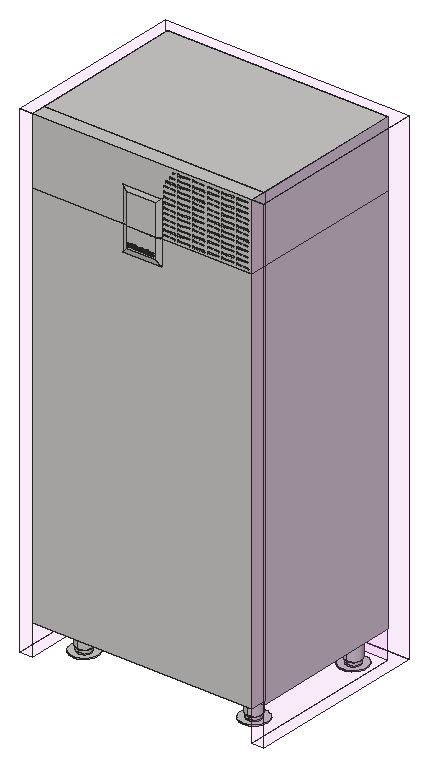
Revit family "QF_ELECTROLUXPROFESSIONAL_691378_PS06R1FM", category Specialty Equipment, Revit 2018
Family settings
  Round Connector Dimension = Use Diameter
  Part Type = Normal
  Work Plane-Based = No
  Always vertical = Yes
  Cut with Voids When Loaded = No
  Shared = No
  Room Calculation Point = No
Parameters (values of type "Standard")
  Weight = 28.8044 lbm
  Watts = 0 W
  Volts = 220 V
  URL Manufacturer = "http://professional.electrolux.com"
  URL = "http://professional.electrolux.com"
  Steam Supply Size = 0"
  Steam Supply Minimum Pressure = 0.00 psi
  Steam Supply Maximum Pressure = 0.00 psi
  Steam Pounds per Hour = 0
  Show Clearance [instance] = yes
  Refrigeration Suction Line Size = 0"
  Refrigeration Liquid Line Size = 0"
  Refrigerant Compressor Remote = yes
  Phase = 1
  Model = "PS06R1FM"
  Manufacturer = "Electrolux Professional"
  Length Actual = 900 mm  # constant formula
  Item Number = "691378"
  Hot Water Size = 0"
  Height Actual = 2040 mm  # constant formula
  HP = "0.4 HP"
  Gas Size = 0"
  Gas KW = 0
  Gas Input Pressure = 0.0 Btu/h
  Direct Waste Size = 0"
  Description = "1-DOOR REFRIGERATOR 720L,0/+10°,PROSTORE,60HZ,MAR"
  Depth Actual = 700 mm  # constant formula
  Cycle = 60 Hz
  Condensate Return Size = 0"
  Compressed Air Volume = 0 GPM
  Compressed Air Size = 0"
  Compressed Air Pressure = 0.00 psi
  Cold Water Size = 0"
  Accessory = yes
Types (2, lengths in mm): name | URL | Phase | Model | Manufacturer | Description
  (no name) | "http://professional.electrolux.com/" | 0 | "RBC201" | "Electrolux" | "BLAST CHILLER 56 KG 20 GN1/1"
  Standard | "http://professional.electrolux.com" | 1 | "PS06R1FM" | "Electrolux Professional" | "1-DOOR REFRIGERATOR 720L,0/+10°,PROSTORE,60HZ,MAR"
Values of the unnamed type that differ from the named types
  Volts = 380 V
  URL Manufacturer = "http://professional.electrolux.com/"
  Item Number = "726624"
  Cycle = 50 Hz
Reference planes
  plane 1 "BACK": y = 0
  plane 2: z = 0
  plane 3 "LEFT": x = 0
  plane 4 "RIGHT": x = 900
  plane 5 "FRONT": y = -700
  plane 6 "TOP": z = 2040
  plane 7 "Center Y": x = 450
  plane 8 "Center X": y = -350
  plane 9: x = 102
  plane 10: x = 798
  plane 11: z = 115
  plane 12: z = 86
  plane 13: y = -80
  plane 14: y = -694
  plane 15: y = -1527
  plane 16: y = -630
  plane 17: z = 1770
  plane 18: x = -50
  plane 19: y = 50
  plane 20: x = 950
  plane 21: z = 1995
Forms (mm)
  Extrusion 1, solid, material "QF_Metal - Stainless - Polished"
    sketch origin (0, 0, 0) x (1, 0, 0) y (0, 0, 1)
      loop
        line (0, 1995) -> (0, 1725) -> (900, 1725) -> (900, 1995) -> (0, 1995)
    from 0 to 630
  Extrusion 2, solid, material "QF_Metal - Stainless - Polished"
    sketch origin (0, 0, 0) x (1, 0, 0) y (0, 0, 1)
      loop
        line (0, 1725) -> (0, 115) -> (900, 115) -> (900, 1725) -> (0, 1725)
    from 0 to 630
  Extrusion 3, solid, material "QF_Metal - Stainless - Polished"
    sketch origin (-370, 0, -128) x (1, 0, 0) y (0, 0, 1)
      loop
        circle (450, 1847.083) r 20
    from -7.507 to 0
  Extrusion 4, solid, material "QF_Door-Drawer Clearances", visible <- "Show Clearance", detail levels coarse
    sketch origin (0, 0, 0) x (1, 0, 0) y (0, 1, 0)
      loop
        line (900, -694) -> (0, -694)
        arc (0, -694) -> (275.209, -1299.35) -> (900, -1527) r 859.201
        line (900, -1527) -> (900, -694)
    from 127.536 to 1725
  Extrusion 5, solid, material "QF_Metal - Stainless - Polished"
    sketch origin (0, 130.478, -45) x (1, 0, 0) y (0, 0, 1)
      loop
        line (0, 2040) -> (0, 1770) -> (900, 1770) -> (900, 2040) -> (0, 2040)
    from 760.478 to 824.478
  Extrusion 6, solid, material "QF_Metal - Stainless - Polished"
    sketch origin (0, 140, 0) x (1, 0, 0) y (0, 0, 1)
      loop
        line (0, 1725) -> (0, 127.536) -> (900, 127.536) -> (900, 1725) -> (0, 1725)
    from 834 to 770
  Revolve 7, solid, material "QF_Metal - Stainless - Polished"
    sketch origin (798, -2.833, 0) x (0, 1, 0) y (0, 0, -1)
      loop
        line (-590.954, -115) -> (-553.167, -115) -> (-553.167, 0) -> (-578.757, 0)
        arc (-578.757, 0) -> (-580.973, -2.655) -> (-581.767, -6.021) r 7.527
        line (-581.767, -6.021) -> (-581.767, -17.561) -> (-585.28, -21.074) -> (-585.28, -110.008) -> (-590.954, -110.008) -> (-590.954, -115)
      axis (-553.167, 0) -> (-553.167, -115)
    angle from 0 to 360
  Revolve 8, solid, material "QF_Metal - Stainless - Polished"
    sketch origin (102, -2.833, 0) x (0, 1, 0) y (0, 0, 1)
      loop
        line (-590.954, 115) -> (-590.954, 110.008) -> (-585.28, 110.008) -> (-585.28, 21.074) -> (-581.767, 17.561) -> (-581.767, 6.021)
        arc (-581.767, 6.021) -> (-580.973, 2.655) -> (-578.757, 0) r 7.527
        line (-578.757, 0) -> (-553.167, 0) -> (-553.167, 115) -> (-590.954, 115)
      axis (-553.167, 0) -> (-553.167, 115)
    angle from 0 to 360
  Revolve 9, solid, material "QF_Metal - Stainless - Polished"
    sketch origin (824, -759.167, 0) x (0, -1, 0) y (0, 0, 1)
      loop
        line (-716.954, 115) -> (-716.954, 110.008) -> (-711.28, 110.008) -> (-711.28, 21.074) -> (-707.767, 17.561) -> (-707.767, 6.021)
        arc (-707.767, 6.021) -> (-706.973, 2.655) -> (-704.757, 0) r 7.527
        line (-704.757, 0) -> (-679.167, 0) -> (-679.167, 115) -> (-716.954, 115)
      axis (-679.167, 0) -> (-679.167, 115)
    angle from 0 to 360
  Revolve 10, solid, material "QF_Metal - Stainless - Polished"
    sketch origin (76, -759.167, 0) x (0, -1, 0) y (0, 0, 1)
      loop
        line (-716.954, 115) -> (-716.954, 110.008) -> (-711.28, 110.008) -> (-711.28, 21.074) -> (-707.767, 17.561) -> (-707.767, 6.021)
        arc (-707.767, 6.021) -> (-706.973, 2.655) -> (-704.757, 0) r 7.527
        line (-704.757, 0) -> (-679.167, 0) -> (-679.167, 115) -> (-716.954, 115)
      axis (-679.167, 0) -> (-679.167, 115)
    angle from 0 to 360
  Blend 11, solid, material "QF_Metal - Stainless - Polished"
    base sketch origin (0, -694, 0) x (1, 0, 0) y (0, 0, 1)
      loop
        line (370, 1869.822) -> (370, 1619.822) -> (530, 1619.822) -> (530, 1869.822) -> (370, 1869.822)
    top sketch origin (0, -694, 0) x (1, 0, 0) y (0, 0, 1)
      loop
        line (510, 1849.822) -> (390, 1849.822) -> (390, 1639.822) -> (510, 1639.822) -> (510, 1849.822)
    from 0 to 6
  Extrusion 12, void
    sketch origin (10, -700, 0) x (-1, 0, 0) y (0, 0, 1)
      loop
        line (-370, 1725.997) -> (-530, 1725.997) -> (-530, 1724.003) -> (-370, 1724.003) -> (-370, 1725.997)
    from 0 to 6
  Extrusion 13, solid, material "QF_Door-Drawer Clearances"
    sketch origin (0, 0, 0) x (1, 0, 0) y (0, 1, 0)
      loop
        line (0, -694) -> (0, 0) -> (900, 0) -> (900, -694) -> (950, -694) -> (950, 50) -> (-50, 50) -> (-50, -694) -> (0, -694)
    from 0 to 1995
  Extrusion 14, solid, material "QF_Metal - Stainless - Polished"
    sketch origin (102, -556, 0) x (0, -1, 0) y (-1, 0, 0)
      loop
        circle (0, 0) r 55.59
    from 0 to -1.917
  Extrusion 15, solid, material "QF_Metal - Stainless - Polished"
    sketch origin (76, -80, 0) x (0, -1, 0) y (-1, 0, 0)
      loop
        circle (0, 0) r 55.59
    from 0 to -1.917
  Extrusion 16, solid, material "QF_Metal - Stainless - Polished"
    sketch origin (798, -556, 0) x (0, 1, 0) y (1, 0, 0)
      loop
        circle (0, 0) r 55.59
    from 0 to -1.917
  Extrusion 17, solid, material "QF_Metal - Stainless - Polished"
    sketch origin (824, -80, 0) x (0, 1, 0) y (1, 0, 0)
      loop
        circle (0, 0) r 55.59
    from 0 to -1.917
  Extrusion 18, void
    sketch origin (-140, -700, 0) x (-1, 0, 0) y (0, 0, 1)
      loop
        line (-370, 1725.997) -> (-530, 1725.997) -> (-530, 1724.003) -> (-370, 1724.003) -> (-370, 1725.997)
    from 0 to 6
  Extrusion 19, void
    sketch origin (300, -694, -45) x (-1, 0, 0) y (0, 0, 1)
      loop
        line (-537.804, 1788.817) -> (-587.804, 1788.817) -> (-587.804, 1780.817) -> (-537.804, 1780.817) -> (-537.804, 1788.817)
      loop
        line (-477.804, 1788.817) -> (-527.804, 1788.817) -> (-527.804, 1780.817) -> (-477.804, 1780.817) -> (-477.804, 1788.817)
      loop
        line (-417.804, 1788.817) -> (-467.804, 1788.817) -> (-467.804, 1780.817) -> (-417.804, 1780.817) -> (-417.804, 1788.817)
    from 0 to 2
  Extrusion 20, void
    sketch origin (300, -694, 195) x (-1, 0, 0) y (0, 0, 1)
      loop
        line (-537.804, 1788.817) -> (-587.804, 1788.817) -> (-587.804, 1780.817) -> (-537.804, 1780.817) -> (-537.804, 1788.817)
      loop
        line (-477.804, 1788.817) -> (-527.804, 1788.817) -> (-527.804, 1780.817) -> (-477.804, 1780.817) -> (-477.804, 1788.817)
      loop
        line (-417.804, 1788.817) -> (-467.804, 1788.817) -> (-467.804, 1780.817) -> (-417.804, 1780.817) -> (-417.804, 1788.817)
    from 0 to 2
  Extrusion 21, void
    sketch origin (300, -694, -25) x (-1, 0, 0) y (0, 0, 1)
      loop
        line (-537.804, 1788.817) -> (-587.804, 1788.817) -> (-587.804, 1780.817) -> (-537.804, 1780.817) -> (-537.804, 1788.817)
      loop
        line (-477.804, 1788.817) -> (-527.804, 1788.817) -> (-527.804, 1780.817) -> (-477.804, 1780.817) -> (-477.804, 1788.817)
      loop
        line (-417.804, 1788.817) -> (-467.804, 1788.817) -> (-467.804, 1780.817) -> (-417.804, 1780.817) -> (-417.804, 1788.817)
    from 0 to 2
  Extrusion 22, void
    sketch origin (300, -694, -5) x (-1, 0, 0) y (0, 0, 1)
      loop
        line (-537.804, 1788.817) -> (-587.804, 1788.817) -> (-587.804, 1780.817) -> (-537.804, 1780.817) -> (-537.804, 1788.817)
      loop
        line (-477.804, 1788.817) -> (-527.804, 1788.817) -> (-527.804, 1780.817) -> (-477.804, 1780.817) -> (-477.804, 1788.817)
      loop
        line (-417.804, 1788.817) -> (-467.804, 1788.817) -> (-467.804, 1780.817) -> (-417.804, 1780.817) -> (-417.804, 1788.817)
    from 0 to 2
  Extrusion 23, void
    sketch origin (300, -694, 15) x (-1, 0, 0) y (0, 0, 1)
      loop
        line (-537.804, 1788.817) -> (-587.804, 1788.817) -> (-587.804, 1780.817) -> (-537.804, 1780.817) -> (-537.804, 1788.817)
      loop
        line (-477.804, 1788.817) -> (-527.804, 1788.817) -> (-527.804, 1780.817) -> (-477.804, 1780.817) -> (-477.804, 1788.817)
      loop
        line (-417.804, 1788.817) -> (-467.804, 1788.817) -> (-467.804, 1780.817) -> (-417.804, 1780.817) -> (-417.804, 1788.817)
    from 0 to 2
  Extrusion 24, void
    sketch origin (300, -694, 35) x (-1, 0, 0) y (0, 0, 1)
      loop
        line (-537.804, 1788.817) -> (-587.804, 1788.817) -> (-587.804, 1780.817) -> (-537.804, 1780.817) -> (-537.804, 1788.817)
      loop
        line (-477.804, 1788.817) -> (-527.804, 1788.817) -> (-527.804, 1780.817) -> (-477.804, 1780.817) -> (-477.804, 1788.817)
      loop
        line (-417.804, 1788.817) -> (-467.804, 1788.817) -> (-467.804, 1780.817) -> (-417.804, 1780.817) -> (-417.804, 1788.817)
    from 0 to 2
  Extrusion 25, void
    sketch origin (300, -694, 55) x (-1, 0, 0) y (0, 0, 1)
      loop
        line (-537.804, 1788.817) -> (-587.804, 1788.817) -> (-587.804, 1780.817) -> (-537.804, 1780.817) -> (-537.804, 1788.817)
      loop
        line (-477.804, 1788.817) -> (-527.804, 1788.817) -> (-527.804, 1780.817) -> (-477.804, 1780.817) -> (-477.804, 1788.817)
      loop
        line (-417.804, 1788.817) -> (-467.804, 1788.817) -> (-467.804, 1780.817) -> (-417.804, 1780.817) -> (-417.804, 1788.817)
    from 0 to 2
  Extrusion 26, void
    sketch origin (300, -694, 75) x (-1, 0, 0) y (0, 0, 1)
      loop
        line (-537.804, 1788.817) -> (-587.804, 1788.817) -> (-587.804, 1780.817) -> (-537.804, 1780.817) -> (-537.804, 1788.817)
      loop
        line (-477.804, 1788.817) -> (-527.804, 1788.817) -> (-527.804, 1780.817) -> (-477.804, 1780.817) -> (-477.804, 1788.817)
      loop
        line (-417.804, 1788.817) -> (-467.804, 1788.817) -> (-467.804, 1780.817) -> (-417.804, 1780.817) -> (-417.804, 1788.817)
    from 0 to 2
  Extrusion 27, void
    sketch origin (300, -694, 95) x (-1, 0, 0) y (0, 0, 1)
      loop
        line (-537.804, 1788.817) -> (-587.804, 1788.817) -> (-587.804, 1780.817) -> (-537.804, 1780.817) -> (-537.804, 1788.817)
      loop
        line (-477.804, 1788.817) -> (-527.804, 1788.817) -> (-527.804, 1780.817) -> (-477.804, 1780.817) -> (-477.804, 1788.817)
      loop
        line (-417.804, 1788.817) -> (-467.804, 1788.817) -> (-467.804, 1780.817) -> (-417.804, 1780.817) -> (-417.804, 1788.817)
    from 0 to 2
  Extrusion 28, void
    sketch origin (300, -694, 115) x (-1, 0, 0) y (0, 0, 1)
      loop
        line (-537.804, 1788.817) -> (-587.804, 1788.817) -> (-587.804, 1780.817) -> (-537.804, 1780.817) -> (-537.804, 1788.817)
      loop
        line (-477.804, 1788.817) -> (-527.804, 1788.817) -> (-527.804, 1780.817) -> (-477.804, 1780.817) -> (-477.804, 1788.817)
      loop
        line (-417.804, 1788.817) -> (-467.804, 1788.817) -> (-467.804, 1780.817) -> (-417.804, 1780.817) -> (-417.804, 1788.817)
    from 0 to 2
  Extrusion 29, void
    sketch origin (300, -694, 135) x (-1, 0, 0) y (0, 0, 1)
      loop
        line (-537.804, 1788.817) -> (-587.804, 1788.817) -> (-587.804, 1780.817) -> (-537.804, 1780.817) -> (-537.804, 1788.817)
      loop
        line (-477.804, 1788.817) -> (-527.804, 1788.817) -> (-527.804, 1780.817) -> (-477.804, 1780.817) -> (-477.804, 1788.817)
      loop
        line (-417.804, 1788.817) -> (-467.804, 1788.817) -> (-467.804, 1780.817) -> (-417.804, 1780.817) -> (-417.804, 1788.817)
    from 0 to 2
  Extrusion 30, void
    sketch origin (300, -694, 155) x (-1, 0, 0) y (0, 0, 1)
      loop
        line (-537.804, 1788.817) -> (-587.804, 1788.817) -> (-587.804, 1780.817) -> (-537.804, 1780.817) -> (-537.804, 1788.817)
      loop
        line (-477.804, 1788.817) -> (-527.804, 1788.817) -> (-527.804, 1780.817) -> (-477.804, 1780.817) -> (-477.804, 1788.817)
      loop
        line (-417.804, 1788.817) -> (-467.804, 1788.817) -> (-467.804, 1780.817) -> (-417.804, 1780.817) -> (-417.804, 1788.817)
    from 0 to 2
  Extrusion 31, void
    sketch origin (300, -694, 175) x (-1, 0, 0) y (0, 0, 1)
      loop
        line (-537.804, 1788.817) -> (-587.804, 1788.817) -> (-587.804, 1780.817) -> (-537.804, 1780.817) -> (-537.804, 1788.817)
      loop
        line (-477.804, 1788.817) -> (-527.804, 1788.817) -> (-527.804, 1780.817) -> (-477.804, 1780.817) -> (-477.804, 1788.817)
      loop
        line (-417.804, 1788.817) -> (-467.804, 1788.817) -> (-467.804, 1780.817) -> (-417.804, 1780.817) -> (-417.804, 1788.817)
    from 0 to 2
  Extrusion 32, void
    sketch origin (120, -694, -45) x (-1, 0, 0) y (0, 0, 1)
      loop
        line (-537.804, 1788.817) -> (-587.804, 1788.817) -> (-587.804, 1780.817) -> (-537.804, 1780.817) -> (-537.804, 1788.817)
      loop
        line (-477.804, 1788.817) -> (-527.804, 1788.817) -> (-527.804, 1780.817) -> (-477.804, 1780.817) -> (-477.804, 1788.817)
      loop
        line (-417.804, 1788.817) -> (-467.804, 1788.817) -> (-467.804, 1780.817) -> (-417.804, 1780.817) -> (-417.804, 1788.817)
    from 0 to 2
  Extrusion 33, void
    sketch origin (120, -694, 195) x (-1, 0, 0) y (0, 0, 1)
      loop
        line (-537.804, 1788.817) -> (-587.804, 1788.817) -> (-587.804, 1780.817) -> (-537.804, 1780.817) -> (-537.804, 1788.817)
      loop
        line (-477.804, 1788.817) -> (-527.804, 1788.817) -> (-527.804, 1780.817) -> (-477.804, 1780.817) -> (-477.804, 1788.817)
      loop
        line (-453.929, 1788.817) -> (-467.804, 1788.817) -> (-467.804, 1780.817) -> (-453.929, 1780.817) -> (-453.929, 1788.817)
    from 0 to 2
  Extrusion 34, void
    sketch origin (120, -694, -25) x (-1, 0, 0) y (0, 0, 1)
      loop
        line (-537.804, 1788.817) -> (-587.804, 1788.817) -> (-587.804, 1780.817) -> (-537.804, 1780.817) -> (-537.804, 1788.817)
      loop
        line (-477.804, 1788.817) -> (-527.804, 1788.817) -> (-527.804, 1780.817) -> (-477.804, 1780.817) -> (-477.804, 1788.817)
      loop
        line (-417.804, 1788.817) -> (-467.804, 1788.817) -> (-467.804, 1780.817) -> (-417.804, 1780.817) -> (-417.804, 1788.817)
    from 0 to 2
  Extrusion 35, void
    sketch origin (120, -694, -5) x (-1, 0, 0) y (0, 0, 1)
      loop
        line (-537.804, 1788.817) -> (-587.804, 1788.817) -> (-587.804, 1780.817) -> (-537.804, 1780.817) -> (-537.804, 1788.817)
      loop
        line (-477.804, 1788.817) -> (-527.804, 1788.817) -> (-527.804, 1780.817) -> (-477.804, 1780.817) -> (-477.804, 1788.817)
      loop
        line (-417.804, 1788.817) -> (-467.804, 1788.817) -> (-467.804, 1780.817) -> (-417.804, 1780.817) -> (-417.804, 1788.817)
    from 0 to 2
  Extrusion 36, void
    sketch origin (120, -694, 15) x (-1, 0, 0) y (0, 0, 1)
      loop
        line (-537.804, 1788.817) -> (-587.804, 1788.817) -> (-587.804, 1780.817) -> (-537.804, 1780.817) -> (-537.804, 1788.817)
      loop
        line (-477.804, 1788.817) -> (-527.804, 1788.817) -> (-527.804, 1780.817) -> (-477.804, 1780.817) -> (-477.804, 1788.817)
      loop
        line (-417.804, 1788.817) -> (-467.804, 1788.817) -> (-467.804, 1780.817) -> (-417.804, 1780.817) -> (-417.804, 1788.817)
    from 0 to 2
  Extrusion 37, void
    sketch origin (120, -694, 35) x (-1, 0, 0) y (0, 0, 1)
      loop
        line (-537.804, 1788.817) -> (-587.804, 1788.817) -> (-587.804, 1780.817) -> (-537.804, 1780.817) -> (-537.804, 1788.817)
      loop
        line (-477.804, 1788.817) -> (-527.804, 1788.817) -> (-527.804, 1780.817) -> (-477.804, 1780.817) -> (-477.804, 1788.817)
      loop
        line (-417.804, 1788.817) -> (-467.804, 1788.817) -> (-467.804, 1780.817) -> (-417.804, 1780.817) -> (-417.804, 1788.817)
    from 0 to 2
  Extrusion 38, void
    sketch origin (120, -694, 55) x (-1, 0, 0) y (0, 0, 1)
      loop
        line (-537.804, 1788.817) -> (-587.804, 1788.817) -> (-587.804, 1780.817) -> (-537.804, 1780.817) -> (-537.804, 1788.817)
      loop
        line (-477.804, 1788.817) -> (-527.804, 1788.817) -> (-527.804, 1780.817) -> (-477.804, 1780.817) -> (-477.804, 1788.817)
      loop
        line (-417.804, 1788.817) -> (-467.804, 1788.817) -> (-467.804, 1780.817) -> (-417.804, 1780.817) -> (-417.804, 1788.817)
    from 0 to 2
  Extrusion 39, void
    sketch origin (120, -694, 75) x (-1, 0, 0) y (0, 0, 1)
      loop
        line (-537.804, 1788.817) -> (-587.804, 1788.817) -> (-587.804, 1780.817) -> (-537.804, 1780.817) -> (-537.804, 1788.817)
      loop
        line (-477.804, 1788.817) -> (-527.804, 1788.817) -> (-527.804, 1780.817) -> (-477.804, 1780.817) -> (-477.804, 1788.817)
      loop
        line (-417.804, 1788.817) -> (-467.804, 1788.817) -> (-467.804, 1780.817) -> (-417.804, 1780.817) -> (-417.804, 1788.817)
    from 0 to 2
  Extrusion 40, void
    sketch origin (120, -694, 95) x (-1, 0, 0) y (0, 0, 1)
      loop
        line (-537.804, 1788.817) -> (-587.804, 1788.817) -> (-587.804, 1780.817) -> (-537.804, 1780.817) -> (-537.804, 1788.817)
      loop
        line (-477.804, 1788.817) -> (-527.804, 1788.817) -> (-527.804, 1780.817) -> (-477.804, 1780.817) -> (-477.804, 1788.817)
      loop
        line (-417.804, 1788.817) -> (-467.804, 1788.817) -> (-467.804, 1780.817) -> (-417.804, 1780.817) -> (-417.804, 1788.817)
    from 0 to 2
  Extrusion 41, void
    sketch origin (120, -694, 115) x (-1, 0, 0) y (0, 0, 1)
      loop
        line (-537.804, 1788.817) -> (-587.804, 1788.817) -> (-587.804, 1780.817) -> (-537.804, 1780.817) -> (-537.804, 1788.817)
      loop
        line (-477.804, 1788.817) -> (-527.804, 1788.817) -> (-527.804, 1780.817) -> (-477.804, 1780.817) -> (-477.804, 1788.817)
      loop
        line (-417.804, 1788.817) -> (-467.804, 1788.817) -> (-467.804, 1780.817) -> (-417.804, 1780.817) -> (-417.804, 1788.817)
    from 0 to 2
  Extrusion 42, void
    sketch origin (120, -694, 135) x (-1, 0, 0) y (0, 0, 1)
      loop
        line (-537.804, 1788.817) -> (-587.804, 1788.817) -> (-587.804, 1780.817) -> (-537.804, 1780.817) -> (-537.804, 1788.817)
      loop
        line (-477.804, 1788.817) -> (-527.804, 1788.817) -> (-527.804, 1780.817) -> (-477.804, 1780.817) -> (-477.804, 1788.817)
      loop
        line (-417.804, 1788.817) -> (-467.804, 1788.817) -> (-467.804, 1780.817) -> (-417.804, 1780.817) -> (-417.804, 1788.817)
    from 0 to 2
  Extrusion 43, void
    sketch origin (120, -694, 155) x (-1, 0, 0) y (0, 0, 1)
      loop
        line (-537.804, 1788.817) -> (-587.804, 1788.817) -> (-587.804, 1780.817) -> (-537.804, 1780.817) -> (-537.804, 1788.817)
      loop
        line (-477.804, 1788.817) -> (-527.804, 1788.817) -> (-527.804, 1780.817) -> (-477.804, 1780.817) -> (-477.804, 1788.817)
      loop
        line (-426.702, 1788.817) -> (-467.804, 1788.817) -> (-467.804, 1780.817) -> (-426.702, 1780.817) -> (-426.702, 1788.817)
    from 0 to 2
  Extrusion 44, void
    sketch origin (120, -694, 175) x (-1, 0, 0) y (0, 0, 1)
      loop
        line (-537.804, 1788.817) -> (-587.804, 1788.817) -> (-587.804, 1780.817) -> (-537.804, 1780.817) -> (-537.804, 1788.817)
      loop
        line (-477.804, 1788.817) -> (-527.804, 1788.817) -> (-527.804, 1780.817) -> (-477.804, 1780.817) -> (-477.804, 1788.817)
      loop
        line (-441.24, 1788.817) -> (-467.804, 1788.817) -> (-467.804, 1780.817) -> (-441.24, 1780.817) -> (-441.24, 1788.817)
    from 0 to 2
Cuts and joins
  Extrusion 12 cuts Extrusion 1
  Extrusion 12 cuts Extrusion 2
  Extrusion 12, Extrusion 18, Extrusion 19, Extrusion 20, Extrusion 21, Extrusion 22, Extrusion 23, Extrusion 24, Extrusion 25, Extrusion 26, Extrusion 27, Extrusion 28, Extrusion 29, Extrusion 30, Extrusion 31, Extrusion 32, Extrusion 33, Extrusion 34, Extrusion 35, Extrusion 36, Extrusion 37, Extrusion 38, Extrusion 39, Extrusion 40, Extrusion 41, Extrusion 42, Extrusion 43, Extrusion 44 cuts Extrusion 5
  Extrusion 12, Extrusion 18 cuts Extrusion 6
  Extrusion 12, Extrusion 18, Extrusion 19, Extrusion 21, Extrusion 22, Extrusion 23, Extrusion 24, Extrusion 25, Extrusion 26 cuts Blend 11
  Extrusion 18 cuts Extrusion 4
Lines and regions (mm)
  Split face 1
    outline origin (0, -700, 0) x (1, 0, 0) y (0, 0, 1)
      loop
        line (415, 1849.822) -> (415, 1697.499) -> (485, 1697.499) -> (485, 1849.822)
  symbolic lines
    curve 1: line (0, 0, 0) -> (900, 0, 0)
    curve 2: line (0, -694, 0) -> (0, 0, 0)
    curve 3: line (900, -694, 0) -> (0, -694, 0)
    curve 4: line (900, 0, 0) -> (900, -694, 0)
    curve 5: line (0, -630, 0) -> (900, -630, 0)
    curve 6: line (370, -694, 0) -> (390, -700, 0)
    curve 7: line (390, -700, 0) -> (510, -700, 0)
    curve 8: line (510, -700, 0) -> (530, -694, 0)
  symbolic lines, style "QF_Door-Drawer Clearances"
    curve 9: arc (0, -694, 0) -> (275.209, -1299.35, 0) -> (900, -1527, 0) r 859.201
    curve 10: line (900, -1527, 0) -> (900, -694, 0)
    curve 11: line (0, -694, 0) -> (-50, -694, 0)
    curve 12: line (-50, -694, 0) -> (-50, 50, 0)
    curve 13: line (-50, 50, 0) -> (950, 50, 0)
    curve 14: line (950, 50, 0) -> (950, -694, 0)
    curve 15: line (950, -694, 0) -> (900, -694, 0)
Dimensions and locks
  equal spacing: plane 3 "LEFT", plane 7 "Center Y", plane 4 "RIGHT"
  plane 3 "LEFT" to plane 4 "RIGHT" = 900 mm
  equal spacing: plane 5 "FRONT", plane 8 "Center X", plane 1 "BACK"
  plane 5 "FRONT" to plane 1 "BACK" = 700 mm
  plane 6 "TOP" to level = 2040 mm
  plane 9 to plane 3 "LEFT" = 102 mm
  plane 10 to plane 4 "RIGHT" = 102 mm
  plane 10 to plane 9 = 696 mm
  plane 11 to level = 115 mm
  plane 12 to plane 11 = 29 mm
  plane 1 "BACK" to plane 13 = 80 mm
  plane 15 to plane 1 "BACK" = 1527 mm
  plane 3 "LEFT" to Extrusion 4 = 900 mm
  plane 11 to plane 2 = 115 mm
  plane 1 "BACK" to plane 16 = 630 mm
  plane 18 to plane 3 "LEFT" = 50 mm
  plane 4 "RIGHT" to plane 20 = 50 mm
  plane 1 "BACK" to plane 19 = 50 mm
  plane 21 to level = 1995 mm
  aligned and locked: level to plane 2
  aligned and locked: Extrusion 5 to plane 4 "RIGHT"
  aligned and locked: Extrusion 5 to plane 3 "LEFT"
  aligned and locked: plane 5 "FRONT" to Blend 11
Automatic sketch dimensions
  curve 13 to plane 18 = 0 mm
  curve 3 to plane 3 "LEFT" = 0 mm
  plane 14 to curve 6 = 0 mm
  plane 5 "FRONT" to curve 7 = 0 mm
  curve 9 to plane 4 "RIGHT" = 0 mm
  curve 5 to plane 4 "RIGHT" = 0 mm
  curve 14 to plane 20 = 0 mm
  curve 10 to plane 15 = 0 mm
  curve 5 to plane 16 = 0 mm
  plane 1 "BACK" to curve 4 = 0 mm
  curve 13 to plane 19 = 0 mm
  curve 7 to plane 7 "Center Y" = 60 mm
  plane 7 "Center Y" to curve 8 = 60 mm
  curve 9 to plane 14 = 25.214 mm
  curve 6 to curve 6 = 20 mm
  curve 7 to curve 8 = 20 mm
  Extrusion 1 sketch curve to plane 3 "LEFT" = 0 mm
  plane 4 "RIGHT" to Extrusion 1 sketch curve = 0 mm
  Extrusion 1 sketch curve to plane 21 = 0 mm
  Extrusion 1 sketch curve to plane 17 = 45 mm
  Extrusion 2 sketch curve to plane 3 "LEFT" = 0 mm
  plane 4 "RIGHT" to Extrusion 2 sketch curve = 0 mm
  Extrusion 2 sketch curve to plane 11 = 0 mm
  Extrusion 2 sketch curve to plane 17 = 45 mm
  Extrusion 3 sketch curve to plane 9 = 22 mm
  Extrusion 3 sketch curve to plane 17 = 50.917 mm
  Extrusion 4 sketch curve to plane 3 "LEFT" = 0 mm
  Extrusion 4 sketch curve to plane 4 "RIGHT" = 0 mm
  Extrusion 4 sketch curve to plane 15 = 0 mm
  plane 14 to Extrusion 4 sketch curve = 0 mm
  Extrusion 4 sketch curve to plane 14 = 25.214 mm
  Extrusion 5 sketch curve to plane 3 "LEFT" = 0 mm
  plane 4 "RIGHT" to Extrusion 5 sketch curve = 0 mm
  Extrusion 5 sketch curve to plane 21 = 0 mm
  Extrusion 5 sketch curve to plane 17 = 45 mm
  Extrusion 6 sketch curve to plane 3 "LEFT" = 0 mm
  plane 4 "RIGHT" to Extrusion 6 sketch curve = 0 mm
  plane 11 to Extrusion 6 sketch curve = 12.536 mm
  Extrusion 6 sketch curve to plane 17 = 45 mm
  plane 11 to Revolve 7 sketch curve = 0 mm
  Revolve 7 sketch curve to level = 0 mm
  plane 16 to Revolve 7 sketch curve = 36.213 mm
  Revolve 7 sketch curve to Revolve 7 sketch curve = 5.674 mm
  Revolve 7 sketch curve to Revolve 7 sketch curve = 3.513 mm  (x2)
  Revolve 7 sketch curve to Revolve 7 sketch curve = 3.01 mm
  level to Revolve 7 sketch curve = 6.021 mm
  Revolve 7 sketch curve to Revolve 7 sketch curve = 21.073 mm
  Revolve 7 sketch curve to plane 11 = 4.992 mm  (x2)
  Revolve 7 sketch curve to Revolve 7 sketch curve = 15.053 mm
  Revolve 7 sketch curve to Revolve 7 sketch curve = 0 mm
  Revolve 7 sketch curve to Revolve 7 sketch curve = 20.008 mm
  Revolve 8 sketch curve to plane 11 = 0 mm
  Revolve 8 sketch curve to level = 0 mm
  plane 16 to Revolve 8 sketch curve = 36.213 mm
  Revolve 8 sketch curve to Revolve 8 sketch curve = 5.674 mm
  Revolve 8 sketch curve to Revolve 8 sketch curve = 3.513 mm  (x2)
  Revolve 8 sketch curve to Revolve 8 sketch curve = 3.01 mm
  level to Revolve 8 sketch curve = 6.021 mm
  Revolve 8 sketch curve to Revolve 8 sketch curve = 21.073 mm
  Revolve 8 sketch curve to Revolve 8 sketch curve = 11.54 mm
  Revolve 8 sketch curve to plane 11 = 4.992 mm
  Revolve 8 sketch curve to Revolve 8 sketch curve = 0 mm
  Revolve 8 sketch curve to Revolve 8 sketch curve = 4.992 mm
  plane 11 to Revolve 8 sketch curve = 20.008 mm
  Revolve 9 sketch curve to plane 11 = 0 mm
  Revolve 9 sketch curve to level = 0 mm
  Revolve 9 sketch curve to plane 13 = 0 mm  (x2)
  level to Revolve 9 sketch curve = 6.021 mm
  Revolve 9 sketch curve to plane 13 = 21.073 mm
  Revolve 9 sketch curve to Revolve 9 sketch curve = 4.517 mm
  Revolve 9 sketch curve to Revolve 9 sketch curve = 3.513 mm  (x2)
  Revolve 9 sketch curve to Revolve 9 sketch curve = 5.674 mm
  Revolve 9 sketch curve to Revolve 9 sketch curve = 11.54 mm
  Revolve 9 sketch curve to plane 11 = 4.992 mm
  Revolve 9 sketch curve to Revolve 9 sketch curve = 4.992 mm
  plane 11 to Revolve 9 sketch curve = 20.008 mm
  Revolve 10 sketch curve to plane 11 = 0 mm
  Revolve 10 sketch curve to level = 0 mm
  Revolve 10 sketch curve to plane 13 = 0 mm  (x2)
  Revolve 10 sketch curve to level = 6.021 mm
  plane 13 to Revolve 10 sketch curve = 21.073 mm
  Revolve 10 sketch curve to Revolve 10 sketch curve = 4.517 mm
  Revolve 10 sketch curve to Revolve 10 sketch curve = 3.513 mm  (x2)
  Revolve 10 sketch curve to Revolve 10 sketch curve = 5.674 mm
  Revolve 10 sketch curve to Revolve 10 sketch curve = 11.54 mm
  plane 11 to Revolve 10 sketch curve = 4.992 mm  (x2)
  Revolve 10 sketch curve to Revolve 10 sketch curve = 20.008 mm
  Blend 11 sketch curve to Extrusion 6 = 105.178 mm
  Blend 11 sketch curve to Extrusion 6 = 370 mm
  Blend 11 sketch curve to Blend 11 sketch curve = 160 mm
  Extrusion 6 to Blend 11 sketch curve = 144.822 mm
  Extrusion 6 to Blend 11 sketch curve = 124.822 mm
  Blend 11 sketch curve to Extrusion 6 = 390 mm
  Blend 11 sketch curve to Blend 11 sketch curve = 120 mm
  Blend 11 sketch curve to Extrusion 6 = 85.178 mm
  Split face 1 sketch curve to Blend 11 = 0 mm  (x2)
  Split face 1 sketch curve to Blend 11 = 25 mm  (x2)
  Split face 1 sketch curve to Blend 11 = 57.677 mm
  Extrusion 12 sketch curve to Blend 11 = 30 mm
  Extrusion 12 sketch curve to Blend 11 = 10 mm
  Blend 11 to Extrusion 12 sketch curve = 84.181 mm
  Extrusion 12 sketch curve to Extrusion 12 sketch curve = 1.995 mm
  plane 14 to Extrusion 13 sketch curve = 0 mm  (x2)
  Extrusion 13 sketch curve to plane 18 = 0 mm
  Extrusion 13 sketch curve to plane 3 "LEFT" = 0 mm
  Extrusion 13 sketch curve to plane 4 "RIGHT" = 0 mm
  Extrusion 13 sketch curve to plane 19 = 0 mm
  Extrusion 13 sketch curve to plane 20 = 0 mm
  plane 1 "BACK" to Extrusion 13 sketch curve = 0 mm
  Extrusion 14 sketch curve to Extrusion 14 sketch curve = 0 mm  (x2)
  Extrusion 14 sketch curve to plane 9 = 0 mm
  plane 16 to Extrusion 14 sketch curve = 74 mm
  Extrusion 14 sketch curve to Extrusion 14 sketch curve = 55.59 mm
  Extrusion 15 sketch curve to Extrusion 15 sketch curve = 0 mm  (x2)
  plane 13 to Extrusion 15 sketch curve = 0 mm
  Extrusion 15 sketch curve to plane 9 = 26 mm
  plane 1 "BACK" to Extrusion 15 sketch curve = 24.41 mm
  Extrusion 16 sketch curve to Extrusion 16 sketch curve = 0 mm  (x2)
  Extrusion 16 sketch curve to plane 10 = 0 mm
  plane 16 to Extrusion 16 sketch curve = 74 mm
  plane 16 to Extrusion 16 sketch curve = 18.41 mm
  Extrusion 17 sketch curve to Extrusion 17 sketch curve = 0 mm  (x2)
  plane 13 to Extrusion 17 sketch curve = 0 mm
  Extrusion 17 sketch curve to plane 10 = 26 mm
  Extrusion 17 sketch curve to Extrusion 17 sketch curve = 55.59 mm
  Extrusion 18 sketch curve to plane 7 "Center Y" = 60 mm
  Extrusion 18 sketch curve to plane 17 = 45.997 mm
  plane 9 to Extrusion 18 sketch curve = 128 mm
  Extrusion 18 sketch curve to Extrusion 18 sketch curve = 1.995 mm
  plane 4 "RIGHT" to Extrusion 19 sketch curve = 12.196 mm
  Extrusion 19 sketch curve to plane 10 = 39.804 mm
  Extrusion 19 sketch curve to Extrusion 19 sketch curve = 10 mm  (x2)
  plane 10 to Extrusion 19 sketch curve = 20.196 mm
  Extrusion 19 sketch curve to Extrusion 19 sketch curve = 50 mm
  Extrusion 19 sketch curve to plane 17 = 34.183 mm  (x2)
  Extrusion 19 sketch curve to Extrusion 19 sketch curve = 0 mm
  Extrusion 19 sketch curve to Extrusion 19 sketch curve = 8 mm  (x3)
  plane 4 "RIGHT" to Extrusion 20 sketch curve = 12.196 mm
  Extrusion 20 sketch curve to plane 10 = 39.804 mm
  Extrusion 20 sketch curve to Extrusion 20 sketch curve = 10 mm  (x2)
  plane 10 to Extrusion 20 sketch curve = 20.196 mm
  Extrusion 20 sketch curve to Extrusion 20 sketch curve = 50 mm
  Extrusion 20 sketch curve to plane 21 = 19.183 mm  (x2)
  Extrusion 20 sketch curve to Extrusion 20 sketch curve = 0 mm
  Extrusion 20 sketch curve to Extrusion 20 sketch curve = 8 mm  (x3)
  Extrusion 21 sketch curve to plane 17 = 6.183 mm  (x3)
  plane 4 "RIGHT" to Extrusion 21 sketch curve = 12.196 mm
  Extrusion 21 sketch curve to plane 17 = 14.183 mm  (x3)
  Extrusion 21 sketch curve to plane 10 = 39.804 mm
  Extrusion 21 sketch curve to Extrusion 21 sketch curve = 10 mm  (x2)
  plane 10 to Extrusion 21 sketch curve = 20.196 mm
  Extrusion 21 sketch curve to Extrusion 21 sketch curve = 50 mm
  plane 4 "RIGHT" to Extrusion 22 sketch curve = 12.196 mm
  plane 17 to Extrusion 22 sketch curve = 5.817 mm  (x3)
  Extrusion 22 sketch curve to plane 10 = 39.804 mm
  Extrusion 22 sketch curve to Extrusion 22 sketch curve = 10 mm  (x2)
  plane 10 to Extrusion 22 sketch curve = 20.196 mm
  Extrusion 22 sketch curve to Extrusion 22 sketch curve = 50 mm
  Extrusion 22 sketch curve to Extrusion 22 sketch curve = 8 mm  (x3)
  plane 4 "RIGHT" to Extrusion 23 sketch curve = 12.196 mm
  Extrusion 23 sketch curve to plane 10 = 39.804 mm
  Extrusion 23 sketch curve to Extrusion 23 sketch curve = 10 mm  (x2)
  plane 10 to Extrusion 23 sketch curve = 20.196 mm
  Extrusion 23 sketch curve to Extrusion 23 sketch curve = 50 mm
  plane 17 to Extrusion 23 sketch curve = 25.817 mm  (x2)
  Extrusion 23 sketch curve to Extrusion 23 sketch curve = 0 mm
  Extrusion 23 sketch curve to Extrusion 23 sketch curve = 8 mm  (x3)
  plane 4 "RIGHT" to Extrusion 24 sketch curve = 12.196 mm
  Extrusion 24 sketch curve to plane 10 = 39.804 mm
  Extrusion 24 sketch curve to Extrusion 24 sketch curve = 10 mm  (x2)
  plane 10 to Extrusion 24 sketch curve = 20.196 mm
  Extrusion 24 sketch curve to Extrusion 24 sketch curve = 50 mm
  plane 17 to Extrusion 24 sketch curve = 45.817 mm  (x2)
  Extrusion 24 sketch curve to Extrusion 24 sketch curve = 0 mm
  Extrusion 24 sketch curve to Extrusion 24 sketch curve = 8 mm  (x3)
  plane 4 "RIGHT" to Extrusion 25 sketch curve = 12.196 mm
  Extrusion 25 sketch curve to plane 10 = 39.804 mm
  Extrusion 25 sketch curve to Extrusion 25 sketch curve = 10 mm  (x2)
  plane 10 to Extrusion 25 sketch curve = 20.196 mm
  Extrusion 25 sketch curve to Extrusion 25 sketch curve = 50 mm
  plane 17 to Extrusion 25 sketch curve = 65.817 mm
  Extrusion 25 sketch curve to Extrusion 25 sketch curve = 0 mm  (x2)
  Extrusion 25 sketch curve to Extrusion 25 sketch curve = 8 mm  (x3)
  plane 4 "RIGHT" to Extrusion 26 sketch curve = 12.196 mm
  Extrusion 26 sketch curve to plane 10 = 39.804 mm
  Extrusion 26 sketch curve to Extrusion 26 sketch curve = 10 mm  (x2)
  plane 10 to Extrusion 26 sketch curve = 20.196 mm
  Extrusion 26 sketch curve to Extrusion 26 sketch curve = 50 mm
  plane 17 to Extrusion 26 sketch curve = 85.817 mm
  Extrusion 26 sketch curve to Extrusion 26 sketch curve = 0 mm  (x2)
  Extrusion 26 sketch curve to Extrusion 26 sketch curve = 8 mm  (x3)
  plane 4 "RIGHT" to Extrusion 27 sketch curve = 12.196 mm
  Extrusion 27 sketch curve to plane 10 = 39.804 mm
  Extrusion 27 sketch curve to Extrusion 27 sketch curve = 10 mm  (x2)
  plane 10 to Extrusion 27 sketch curve = 20.196 mm
  Extrusion 27 sketch curve to Extrusion 27 sketch curve = 50 mm
  plane 17 to Extrusion 27 sketch curve = 105.817 mm
  Extrusion 27 sketch curve to Extrusion 27 sketch curve = 0 mm  (x2)
  Extrusion 27 sketch curve to Extrusion 27 sketch curve = 8 mm  (x3)
  plane 4 "RIGHT" to Extrusion 28 sketch curve = 12.196 mm
  Extrusion 28 sketch curve to plane 10 = 39.804 mm
  Extrusion 28 sketch curve to Extrusion 28 sketch curve = 10 mm  (x2)
  plane 10 to Extrusion 28 sketch curve = 20.196 mm
  Extrusion 28 sketch curve to Extrusion 28 sketch curve = 50 mm
  Extrusion 28 sketch curve to plane 21 = 99.183 mm
  Extrusion 28 sketch curve to Extrusion 28 sketch curve = 0 mm  (x2)
  Extrusion 28 sketch curve to Extrusion 28 sketch curve = 8 mm  (x3)
  plane 4 "RIGHT" to Extrusion 29 sketch curve = 12.196 mm
  Extrusion 29 sketch curve to plane 10 = 39.804 mm
  Extrusion 29 sketch curve to Extrusion 29 sketch curve = 10 mm  (x2)
  plane 10 to Extrusion 29 sketch curve = 20.196 mm
  Extrusion 29 sketch curve to Extrusion 29 sketch curve = 50 mm
  Extrusion 29 sketch curve to plane 21 = 79.183 mm
  Extrusion 29 sketch curve to Extrusion 29 sketch curve = 0 mm  (x2)
  Extrusion 29 sketch curve to Extrusion 29 sketch curve = 8 mm  (x3)
  plane 4 "RIGHT" to Extrusion 30 sketch curve = 12.196 mm
  Extrusion 30 sketch curve to plane 10 = 39.804 mm
  Extrusion 30 sketch curve to Extrusion 30 sketch curve = 10 mm  (x2)
  plane 10 to Extrusion 30 sketch curve = 20.196 mm
  Extrusion 30 sketch curve to Extrusion 30 sketch curve = 50 mm
  Extrusion 30 sketch curve to plane 21 = 59.183 mm
  Extrusion 30 sketch curve to Extrusion 30 sketch curve = 0 mm  (x2)
  Extrusion 30 sketch curve to Extrusion 30 sketch curve = 8 mm  (x3)
  plane 4 "RIGHT" to Extrusion 31 sketch curve = 12.196 mm
  Extrusion 31 sketch curve to plane 10 = 39.804 mm
  Extrusion 31 sketch curve to Extrusion 31 sketch curve = 10 mm  (x2)
  plane 10 to Extrusion 31 sketch curve = 20.196 mm
  Extrusion 31 sketch curve to Extrusion 31 sketch curve = 50 mm
  Extrusion 31 sketch curve to plane 21 = 39.183 mm
  Extrusion 31 sketch curve to Extrusion 31 sketch curve = 0 mm  (x2)
  Extrusion 31 sketch curve to Extrusion 31 sketch curve = 8 mm  (x3)
  Extrusion 32 sketch curve to plane 17 = 26.183 mm  (x2)
  plane 10 to Extrusion 32 sketch curve = 90.196 mm
  Extrusion 32 sketch curve to Extrusion 32 sketch curve = 50 mm  (x3)
  Extrusion 32 sketch curve to Extrusion 32 sketch curve = 10 mm  (x2)
  Extrusion 32 sketch curve to Extrusion 32 sketch curve = 0 mm
  Extrusion 32 sketch curve to Extrusion 32 sketch curve = 8 mm  (x3)
  Extrusion 33 sketch curve to plane 21 = 11.183 mm
  plane 10 to Extrusion 33 sketch curve = 90.196 mm
  Extrusion 33 sketch curve to plane 21 = 19.183 mm  (x3)
  Extrusion 33 sketch curve to Extrusion 33 sketch curve = 50 mm  (x2)
  Extrusion 33 sketch curve to Extrusion 33 sketch curve = 10 mm  (x2)
  Extrusion 33 sketch curve to Extrusion 33 sketch curve = 13.876 mm
  Extrusion 33 sketch curve to Extrusion 33 sketch curve = 8 mm  (x2)
  Extrusion 34 sketch curve to plane 17 = 6.183 mm  (x3)
  plane 10 to Extrusion 34 sketch curve = 90.196 mm
  Extrusion 34 sketch curve to plane 17 = 14.183 mm  (x3)
  Extrusion 34 sketch curve to Extrusion 34 sketch curve = 50 mm  (x3)
  Extrusion 34 sketch curve to Extrusion 34 sketch curve = 10 mm  (x2)
  plane 17 to Extrusion 35 sketch curve = 13.817 mm
  plane 10 to Extrusion 35 sketch curve = 90.196 mm
  plane 17 to Extrusion 35 sketch curve = 5.817 mm  (x3)
  Extrusion 35 sketch curve to Extrusion 35 sketch curve = 50 mm  (x3)
  Extrusion 35 sketch curve to Extrusion 35 sketch curve = 10 mm  (x2)
  Extrusion 35 sketch curve to Extrusion 35 sketch curve = 8 mm  (x2)
  plane 17 to Extrusion 36 sketch curve = 33.817 mm  (x2)
  plane 10 to Extrusion 36 sketch curve = 90.196 mm
  Extrusion 36 sketch curve to Extrusion 36 sketch curve = 50 mm  (x3)
  Extrusion 36 sketch curve to Extrusion 36 sketch curve = 10 mm  (x2)
  Extrusion 36 sketch curve to Extrusion 36 sketch curve = 0 mm
  Extrusion 36 sketch curve to Extrusion 36 sketch curve = 8 mm  (x3)
  plane 10 to Extrusion 37 sketch curve = 90.196 mm
  Extrusion 37 sketch curve to Extrusion 37 sketch curve = 50 mm  (x3)
  Extrusion 37 sketch curve to Extrusion 37 sketch curve = 10 mm  (x2)
  plane 17 to Extrusion 37 sketch curve = 45.817 mm  (x2)
  Extrusion 37 sketch curve to Extrusion 37 sketch curve = 0 mm
  Extrusion 37 sketch curve to Extrusion 37 sketch curve = 8 mm  (x3)
  plane 10 to Extrusion 38 sketch curve = 90.196 mm
  Extrusion 38 sketch curve to Extrusion 38 sketch curve = 50 mm  (x3)
  Extrusion 38 sketch curve to Extrusion 38 sketch curve = 10 mm  (x2)
  plane 17 to Extrusion 38 sketch curve = 65.817 mm
  Extrusion 38 sketch curve to Extrusion 38 sketch curve = 0 mm  (x2)
  Extrusion 38 sketch curve to Extrusion 38 sketch curve = 8 mm  (x3)
  plane 10 to Extrusion 39 sketch curve = 90.196 mm
  Extrusion 39 sketch curve to Extrusion 39 sketch curve = 50 mm  (x3)
  Extrusion 39 sketch curve to Extrusion 39 sketch curve = 10 mm  (x2)
  plane 17 to Extrusion 39 sketch curve = 85.817 mm
  Extrusion 39 sketch curve to Extrusion 39 sketch curve = 0 mm  (x2)
  Extrusion 39 sketch curve to Extrusion 39 sketch curve = 8 mm  (x3)
  plane 10 to Extrusion 40 sketch curve = 90.196 mm
  Extrusion 40 sketch curve to Extrusion 40 sketch curve = 50 mm  (x3)
  Extrusion 40 sketch curve to Extrusion 40 sketch curve = 10 mm  (x2)
  plane 17 to Extrusion 40 sketch curve = 105.817 mm
  Extrusion 40 sketch curve to Extrusion 40 sketch curve = 0 mm  (x2)
  Extrusion 40 sketch curve to Extrusion 40 sketch curve = 8 mm  (x3)
  plane 10 to Extrusion 41 sketch curve = 90.196 mm
  Extrusion 41 sketch curve to Extrusion 41 sketch curve = 50 mm  (x3)
  Extrusion 41 sketch curve to Extrusion 41 sketch curve = 10 mm  (x2)
  Extrusion 41 sketch curve to plane 21 = 99.183 mm
  Extrusion 41 sketch curve to Extrusion 41 sketch curve = 0 mm  (x2)
  Extrusion 41 sketch curve to Extrusion 41 sketch curve = 8 mm  (x3)
  plane 10 to Extrusion 42 sketch curve = 90.196 mm
  Extrusion 42 sketch curve to Extrusion 42 sketch curve = 50 mm  (x3)
  Extrusion 42 sketch curve to Extrusion 42 sketch curve = 10 mm  (x2)
  Extrusion 42 sketch curve to plane 21 = 79.183 mm
  Extrusion 42 sketch curve to Extrusion 42 sketch curve = 0 mm  (x2)
  Extrusion 42 sketch curve to Extrusion 42 sketch curve = 8 mm  (x3)
  plane 10 to Extrusion 43 sketch curve = 90.196 mm
  Extrusion 43 sketch curve to Extrusion 43 sketch curve = 50 mm  (x2)
  Extrusion 43 sketch curve to Extrusion 43 sketch curve = 10 mm  (x2)
  Extrusion 43 sketch curve to Extrusion 43 sketch curve = 41.103 mm
  Extrusion 43 sketch curve to plane 21 = 59.183 mm
  Extrusion 43 sketch curve to Extrusion 43 sketch curve = 0 mm  (x2)
  Extrusion 43 sketch curve to Extrusion 43 sketch curve = 8 mm  (x3)
  Extrusion 44 sketch curve to plane 21 = 31.183 mm  (x2)
  plane 10 to Extrusion 44 sketch curve = 90.196 mm
  Extrusion 44 sketch curve to Extrusion 44 sketch curve = 50 mm  (x2)
  Extrusion 44 sketch curve to Extrusion 44 sketch curve = 10 mm  (x2)
  Extrusion 44 sketch curve to Extrusion 44 sketch curve = 26.564 mm
  Extrusion 44 sketch curve to Extrusion 44 sketch curve = 0 mm
  Extrusion 44 sketch curve to Extrusion 44 sketch curve = 8 mm  (x3)
  radius of Extrusion 3 sketch curve = 20 mm
Nested families
  nested 1: "ELX_Logo_S" at (450.625, -700, 1659.375) x (1, 0, 0) z (0, -1, 0), type "ELX_Logo_S"
Connectors
  electrical at (80, 7.507, 1719.083), driven by "Volts"
    settings: on Extrusion 3, index 2, voltage 220 V, apparent load 0 VA, apparent load phase1 0 VA, apparent load phase2 0 VA, apparent load phase3 0 VA, power factor 1, load classification "Other", number of poles 1, system type 30, power factor state 1, is connector primary yes, connector utility no, sub classification motor no, connector description "Electrical Connection"
Definition of nested family "ELX_Logo_S"
  Parameters (values of type "ELX_Logo_S")
    Default Elevation = 0 mm
  Reference planes
    plane 1 "Centro (Fronte/Retro)": y = 0
    plane 2: z = 0
    plane 3 "Centro (Sinistra/Destra)": x = 0
  Forms (mm)
    Extrusion 1, solid
      sketch origin (0, 0, 0) x (1, 0, 0) y (0, 1, 0)
        loop
          line (-1219.2, 1219.2) -> (-1219.2, -1219.2) -> (1219.2, -1219.2) -> (1219.2, 1219.2) -> (-1219.2, 1219.2)
      from 0 to -304.8
    Extrusion 2, solid
      sketch origin (0, 0, 0) x (1, 0, 0) y (0, 1, 0)
        loop
          line (-43.793, 5.912) -> (-43.793, -6.455)
          arc (-43.793, -6.455) -> (-39.222, -0.272) -> (-43.793, 5.912) r 6.467
        loop
          arc (-44.422, 5.912) -> (-49.565, 4.743) -> (-52.043, 0.087) r 6.338
          line (-52.043, 0.087) -> (-49.997, 0.087)
          arc (-49.997, 0.087) -> (-46.342, 1.57) -> (-44.422, 5.016) r 5.941
          line (-44.422, 5.016) -> (-44.422, 5.912)
        loop
          arc (-44.422, -5.559) -> (-46.342, -2.114) -> (-49.997, -0.63) r 5.941
          line (-49.997, -0.63) -> (-52.043, -0.63)
          arc (-52.043, -0.63) -> (-49.569, -5.324) -> (-44.422, -6.614) r 6.504
          line (-44.422, -6.614) -> (-44.422, -5.559)
        loop
          line (-52.512, 6.586) -> (-52.512, -7.158) -> (-38.749, -7.158) -> (-38.749, 6.586) -> (-52.512, 6.586)
        loop
          arc (-35.782, 6.67) -> (-36.139, 6.322) -> (-35.801, 5.955) r 0.358
          arc (-35.801, 5.955) -> (-35.051, 5.641) -> (-34.666, 4.924) r 1.216
          line (-34.666, 4.924) -> (-34.666, -5.488)
          arc (-34.666, -5.488) -> (-34.944, -6.148) -> (-35.54, -6.544) r 1.238
          arc (-35.54, -6.544) -> (-35.791, -6.939) -> (-35.437, -7.244) r 0.358
          line (-35.437, -7.244) -> (-25.558, -7.244) -> (-25.558, -4.494) -> (-26.455, -4.494)
          arc (-26.455, -4.494) -> (-27.035, -5.403) -> (-28.012, -5.858) r 1.928
          line (-28.012, -5.858) -> (-30.511, -5.858)
          arc (-30.511, -5.858) -> (-31.24, -5.583) -> (-31.604, -4.894) r 1.101
          line (-31.604, -4.894) -> (-31.604, -0.808) -> (-27.931, -0.808)
          arc (-27.931, -0.808) -> (-27.434, -1.16) -> (-27.206, -1.725) r 1.083
          arc (-27.206, -1.725) -> (-26.9, -1.989) -> (-26.622, -1.697) r 0.292
          line (-26.622, -1.697) -> (-26.622, 1.265)
          arc (-26.622, 1.265) -> (-26.895, 1.568) -> (-27.225, 1.329) r 0.305
          arc (-27.225, 1.329) -> (-27.473, 0.839) -> (-27.931, 0.534) r 1.083
          line (-27.931, 0.534) -> (-31.604, 0.534) -> (-31.604, 5.211) -> (-27.857, 5.211)
          arc (-27.857, 5.211) -> (-27.101, 4.997) -> (-26.603, 4.39) r 1.314
          arc (-26.603, 4.39) -> (-26.199, 4.171) -> (-25.907, 4.526) r 0.361
          line (-25.907, 4.526) -> (-25.907, 6.67) -> (-35.782, 6.67)
        loop
          arc (-25.126, 5.953) -> (-24.207, 5.572) -> (-23.827, 4.654) r 1.299
          line (-23.827, 4.654) -> (-23.827, -4.925)
          arc (-23.827, -4.925) -> (-24.205, -5.763) -> (-25.083, -6.035) r 1.118
          line (-25.083, -6.035) -> (-25.083, -7.244) -> (-19.733, -7.244) -> (-19.733, -6.056)
          arc (-19.733, -6.056) -> (-20.65, -5.784) -> (-21.046, -4.914) r 1.153
          line (-21.046, -4.914) -> (-21.046, 7.158) -> (-25.126, 5.953)
        loop
          line (-17.097, -2.28) -> (-10.65, -2.28) -> (-10.65, -1.481)
          arc (-10.65, -1.481) -> (-11.634, 1.1) -> (-14.088, 2.369) r 3.874
          line (-14.088, 2.369) -> (-15.848, 2.369)
          arc (-15.848, 2.369) -> (-18.713, 1.182) -> (-19.899, -1.682) r 4.051
          line (-19.899, -1.682) -> (-19.899, -3.691)
          arc (-19.899, -3.691) -> (-18.414, -6.509) -> (-15.407, -7.561) r 4.352
          arc (-15.407, -7.561) -> (-12.944, -7.196) -> (-10.87, -5.819) r 5.713
          line (-10.87, -5.819) -> (-10.87, -4.87)
          arc (-10.87, -4.87) -> (-12.439, -5.603) -> (-14.157, -5.819) r 5.579
          arc (-14.157, -5.819) -> (-16.12, -5.025) -> (-17.097, -3.146) r 3.057
          line (-17.097, -3.146) -> (-17.097, -2.28)
        loop
          line (-17.097, -1.02) -> (-13.515, -1.02)
          arc (-13.515, -1.02) -> (-13.468, 0.436) -> (-14.627, 1.319) r 1.59
          line (-14.627, 1.319) -> (-15.457, 1.319)
          arc (-15.457, 1.319) -> (-16.712, 0.455) -> (-17.097, -1.02) r 2.184
        loop
          arc (-1.232, 1.771) -> (-2.906, 2.259) -> (-4.643, 2.417) r 9.023
          line (-4.643, 2.417) -> (-6.005, 2.417)
          arc (-6.005, 2.417) -> (-8.805, 1.257) -> (-9.965, -1.542) r 3.959
          line (-9.965, -1.542) -> (-9.965, -4.142)
          arc (-9.965, -4.142) -> (-8.672, -6.424) -> (-6.299, -7.541) r 4.331
          line (-6.299, -7.541) -> (-4.164, -7.541)
          arc (-4.164, -7.541) -> (-2.614, -7.033) -> (-1.268, -6.112) r 5.772
          arc (-1.268, -6.112) -> (-1.217, -5.35) -> (-1.976, -5.263) r 0.553
          arc (-1.976, -5.263) -> (-2.71, -5.651) -> (-3.529, -5.785) r 2.573
          line (-3.529, -5.785) -> (-5.044, -5.785)
          arc (-5.044, -5.785) -> (-6.686, -4.779) -> (-7.328, -2.965) r 2.884
          line (-7.328, -2.965) -> (-7.328, -1.686)
          arc (-7.328, -1.686) -> (-6.768, 0.135) -> (-5.103, 1.062) r 2.554
          line (-5.103, 1.062) -> (-4.05, 1.062)
          arc (-4.05, 1.062) -> (-3.122, 0.73) -> (-2.387, 0.073) r 2.564
          arc (-2.387, 0.073) -> (-1.67, -0.148) -> (-1.232, 0.461) r 0.643
          line (-1.232, 0.461) -> (-1.232, 1.771)
        loop
          line (-0.962, 0.752) -> (0.539, 0.752) -> (0.539, -5.296)
          arc (0.539, -5.296) -> (1.197, -6.884) -> (2.785, -7.541) r 2.246
          line (2.785, -7.541) -> (4.369, -7.541)
          arc (4.369, -7.541) -> (5.233, -7.228) -> (6.005, -6.727) r 4.06
          arc (6.005, -6.727) -> (6.138, -5.995) -> (5.437, -5.743) r 0.576
          arc (5.437, -5.743) -> (4.911, -5.849) -> (4.379, -5.785) r 1.69
          arc (4.379, -5.785) -> (3.591, -5.244) -> (3.288, -4.337) r 1.506
          line (3.288, -4.337) -> (3.288, 0.801) -> (5.685, 0.801) -> (6.241, 1.357) -> (6.241, 2.179) -> (3.382, 2.179) -> (3.382, 5.41) -> (-0.962, 0.752)
        loop
          line (7.139, -7.324) -> (12.526, -7.324) -> (12.526, -6.214)
          arc (12.526, -6.214) -> (11.575, -5.82) -> (11.181, -4.869) r 1.345
          line (11.181, -4.869) -> (11.181, -1.253)
          arc (11.181, -1.253) -> (11.773, -0.488) -> (12.695, -0.199) r 1.615
          line (12.695, -0.199) -> (14.251, -0.199) -> (14.936, 2.357) -> (13.553, 2.357) -> (10.994, 0.414) -> (10.994, 2.295) -> (8.288, 2.01)
          arc (8.288, 2.01) -> (7.758, 1.571) -> (7.959, 0.912) r 0.621
          arc (7.959, 0.912) -> (8.301, 0.512) -> (8.484, 0.018) r 1.501
          line (8.484, 0.018) -> (8.484, -4.869)
          arc (8.484, -4.869) -> (8.09, -5.82) -> (7.139, -6.214) r 1.345
          line (7.139, -6.214) -> (7.139, -7.324)
        loop
          line (14.473, -1.222) -> (14.473, -3.914)
          arc (14.473, -3.914) -> (15.781, -6.36) -> (18.311, -7.494) r 4.288
          arc (18.311, -7.494) -> (19.692, -7.557) -> (21.072, -7.494) r 15.022
          arc (21.072, -7.494) -> (23.603, -6.36) -> (24.91, -3.914) r 4.288
          line (24.91, -3.914) -> (24.91, -1.222)
          arc (24.91, -1.222) -> (23.603, 1.223) -> (21.072, 2.357) r 4.288
          arc (21.072, 2.357) -> (19.692, 2.421) -> (18.311, 2.357) r 15.022
          arc (18.311, 2.357) -> (15.781, 1.223) -> (14.473, -1.222) r 4.288
        loop
          line (17.587, -1.017) -> (17.587, -4.119)
          arc (17.587, -4.119) -> (19.744, -6.276) -> (21.901, -4.119) r 2.157
          line (21.901, -4.119) -> (21.901, -1.017)
          arc (21.901, -1.017) -> (19.744, 1.14) -> (17.587, -1.017) r 2.157
        loop
          arc (24.768, 5.964) -> (25.662, 5.593) -> (26.033, 4.699) r 1.264
          line (26.033, 4.699) -> (26.033, -5.165)
          arc (26.033, -5.165) -> (25.636, -6.035) -> (24.72, -6.307) r 1.153
          line (24.72, -6.307) -> (24.72, -7.244) -> (29.828, -7.244) -> (29.828, -6.316)
          arc (29.828, -6.316) -> (29.056, -5.957) -> (28.741, -5.165) r 1.153
          line (28.741, -5.165) -> (28.741, 7.158) -> (24.768, 5.964)
        loop
          arc (29.365, 1.084) -> (30.43, 0.885) -> (30.912, -0.085) r 1.215
          line (30.912, -0.085) -> (30.912, -5.105)
          arc (30.912, -5.105) -> (31.559, -6.719) -> (33.142, -7.44) r 2.338
          line (33.142, -7.44) -> (34.657, -7.44)
          arc (34.657, -7.44) -> (35.661, -7.266) -> (36.547, -6.763) r 2.979
          line (36.547, -6.763) -> (38.344, -7.244) -> (40.032, -7.244) -> (40.032, 2.181) -> (35.829, 1.887) -> (35.829, 1.101)
          arc (35.829, 1.101) -> (36.665, 0.745) -> (37.174, -0.007) r 1.605
          line (37.174, -0.007) -> (37.174, -5.11)
          arc (37.174, -5.11) -> (36.237, -5.531) -> (35.213, -5.603) r 2.94
          arc (35.213, -5.603) -> (34.112, -5.042) -> (33.669, -3.889) r 1.724
          line (33.669, -3.889) -> (33.669, 2.307) -> (29.365, 1.084)
        loop
          line (40.886, 2.112) -> (42.932, 0.44) -> (45.238, -2.734) -> (42.126, -6.191)
          arc (42.126, -6.191) -> (41.732, -6.428) -> (41.273, -6.405) r 0.789
          line (41.273, -6.405) -> (41.273, -7.244) -> (44.818, -7.244) -> (44.818, -6.418)
          arc (44.818, -6.418) -> (44.456, -6.076) -> (44.548, -5.586) r 0.52
          line (44.548, -5.586) -> (46.019, -3.786) -> (47.394, -5.904)
          arc (47.394, -5.904) -> (47.084, -6.305) -> (46.585, -6.392) r 0.7
          line (46.585, -6.392) -> (46.585, -7.244) -> (52.512, -7.244) -> (52.512, -6.358)
          arc (52.512, -6.358) -> (51.853, -6.291) -> (51.322, -5.896) r 1.247
          line (51.322, -5.896) -> (48.041, -1.696) -> (50.094, 0.751) -> (51.836, 2.112) -> (48.112, 2.112) -> (48.535, 0.627) -> (47.258, -0.895) -> (46.068, 0.806) -> (46.844, 2.112) -> (40.886, 2.112)
      from 0 to 1.644
  Dimensions and locks
    aligned and locked: plane 2 to Extrusion 1
    aligned and locked: level to Extrusion 1
